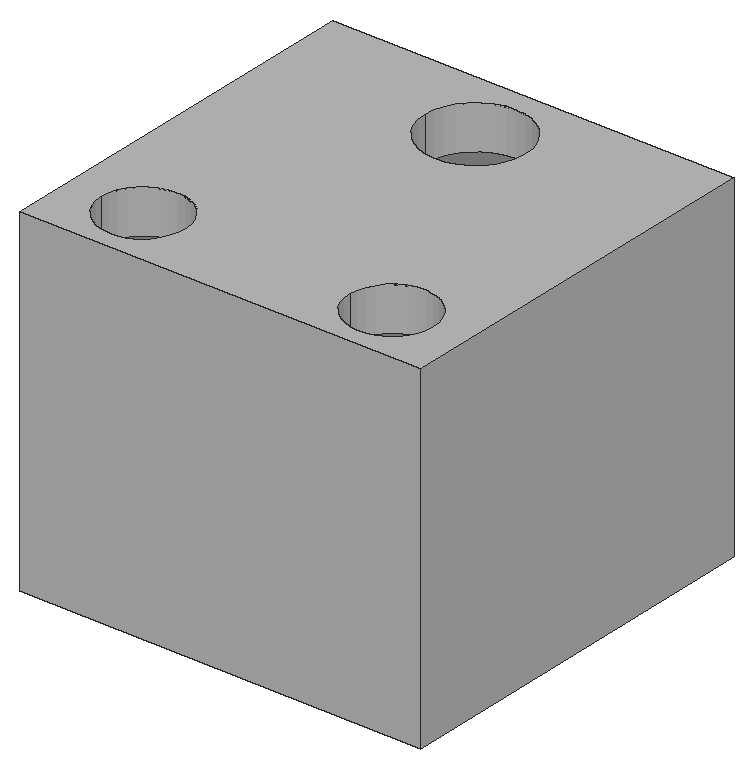
Revit family "Domotics-DomesticRanges-GEWISS-CHORUS_POWER-SOCKET-OUTLET_INDIA_SOUTHAFRICA", category Apparecchi elettrici, host Superficie, Revit 2016
Family settings
  Host = Superficie
  Mantenere orientamento annotazione = Sì
  Tipo di parte = Normale
  Quota connettore circolare = Usa diametro
  Taglio con vuoti quando caricato = Sì
  Condiviso = Sì
  Punto di calcolo locali = Sì
Parameters (values of type "GW14298 - Socket outlet 2P+E 16A d7mm 2M ind/s.afr.st. titanium")
  Wiring terminals = "With screw"
  Voltage: = "250 V ac"
  Voltage = "250 V ac"
  Volt = 230 V
  Vista in pianta [instance] = yes
  Version file RFA = "19.0"
  URL = "https://www.gewiss.com/ww/en"
  Tipo_ = CHORUS PRESE INDIA SUDAFRICA_GENERICO : TITANIO
  Thermo-pressure with ball = "125 °C"
  Terminal tightening capacity rigid cables (mm2) = "min. 0,5 - max. 2x2,5"
  Terminal tightening capacity flexible cables (mm2) = "min. 0,75 - max. 2x4"
  Terminal grip on cable traction = "> 50 N"
  Technical sheet = "https://www.gewiss.com/ww/en/search?q=GW14298"
  TXT ELETTRICO = "16"
  Standard; = "IEC 60884-1"
  Standard: = "Indian-South African"
  Standard = "India/South Africa"
  Simbolo [instance] = yes
  SEO = "Socket outlet"
  Resistance at test voltage = "2000 V at 50 Hz for 1 minute"
  Realized by GEWISS S.p.A. = ""
  Default Elevation = 1219.2 mm
  Prolonged operation (no.of position changes) = "10.000 at In 250 V ac cosØ=0,8"
  Produttore = "GEWISS S.p.A."
  Offset presa [instance] = 0 mm
  Offset bidimensionale [instance] = 41 mm
  No. Chorus modules: = "2"
  No. Chorus modules = "2"
  N. poli = 1
  Modello = "GW14298"
  Insulation resistance = "> 5 MOhm"
  Immagine tipo = GW14298.jpg
  IFC.TypeObject = ""
  IFC.ExportType = ""
  IFC.ExportAs = ""
  IDT = "1dbc6e32-bb70-4510-8419-166b85924e3f"
  IDF = "119cc1b2-d397-4b28-b8dc-00e194744bda"
  Glow Wire Test = "850°C"
  For plug pins = "Ø 7 mm"
  Electrocod = "0131"
  EAN code = "8011564421813"
  Distanza_x [instance] = 0 mm
  Distanza_effettiva_y [instance] = 100 mm
  Distanza_effettiva_x [instance] = 1000 mm - Distanza_x  # 1000 mm
  Distanza orizzontale del simbolo [instance] = 114.847 mm
  Distanza dal muro [instance] = 4.208 mm
  Descrizione = "2M+E 16A D7MM 2M IND/S.AFR.ST.SOCKET TI."
  Description: = "2P+E - 16A"
  Description. = "Socket-outlet"
  Colour = "Titanium"
  Characteristics = "With safety shields"
  Category = "Socket-outlet"
  Catalogue Range = "CHORUS - DOMESTIC RANGE"
  Catalogue = "DOMOTICS"
  Carico apparente = 0 VA
  COBie.Tagnumber = ""
  COBie.CreatedOn = ""
  COBie.CreatebBy = ""
  COBie.ComponentRegisterItemID = ""
  COBie.Component.TagNumber = ""
  COBie.Component.Space = ""
  COBie.Component.SerialNumber = ""
  COBie.Component.InstallationDate = ""
  COBie.Component.Description = ""
  COBie.Component.BarCode = ""
  Breaking capacity: = "1.25 In (100 position changes)"
Types (3, lengths in mm): name | Tipo_ | Technical sheet | Modello | Immagine tipo | IDT | EAN code | Descrizione | Colour
  GW10298 - Socket outlet 2M 2P+E 16A ind/s.afr white | CHORUS PRESE INDIA SUDAFRICA_GENERICO : BIANCO | "https://www.gewiss.com/ww/en/search?q=GW10298" | "GW10298" | GW10298.jpg | "4e5f8a65-8b03-4983-bcad-6a52282a48bd" | "8011564421806" | "S. OUTLET 2M 2P+E 16A IND/S.AFR WH." | "White"
  GW12298 - Socket outlet 2P+E 16A d7mm 2M ind/s.afr.st.Socket outlet black | CHORUS PRESE INDIA SUDAFRICA_GENERICO : NERO | "https://www.gewiss.com/ww/en/search?q=GW12298" | "GW12298" | GW12298.jpg | "0f2a28ac-dd37-4b83-a4b9-9b919db696d3" | "8011564421820" | "2M+E 16A D7MM 2M IND/S.AFR.ST.SOCKET BL." | "Black"
  GW14298 - Socket outlet 2P+E 16A d7mm 2M ind/s.afr.st. titanium | CHORUS PRESE INDIA SUDAFRICA_GENERICO : TITANIO | "https://www.gewiss.com/ww/en/search?q=GW14298" | "GW14298" | GW14298.jpg | "1dbc6e32-bb70-4510-8419-166b85924e3f" | "8011564421813" | "2M+E 16A D7MM 2M IND/S.AFR.ST.SOCKET TI." | "Titanium"
Reference planes
  plane 1 "Centro (Fronte/Retro)": y = 0
  plane 2: z = 0
  plane 3 "Centro (Sinistra/Destra)": x = 0
  plane 4: x = -1000
  plane 5: x = 0
  plane 6: y = 100
  plane 7: z = 0
  plane 8 "Piano bidimensionale": z = 41
  plane 9: z = 39
Lines and regions (mm)
  Masking region 1, visible <- "Vista in pianta"
    outline origin (0, 0, 0) x (1, 0, 0) y (0, 1, 0)
      loop
        line (-23, 22.5) -> (-23, -22.5) -> (23, -22.5) -> (23, 22.5) -> (-23, 22.5)
      loop
        circle (-14.273, -15.7) r 4.831
      loop
        circle (14.273, -15.7) r 4.831
      loop
        circle (0, 14.163) r 5.819
  Masking region 2, visible <- "Vista in pianta"
    outline origin (0, 0, 0) x (1, 0, 0) y (0, 0, 1)
      loop
        line (23, 0) -> (23, 20) -> (-23, 20) -> (-23, 0) -> (23, 0)
  Masking region 3, visible <- "Vista in pianta"
    outline origin (0, 0, 0) x (0, 1, 0) y (0, 0, 1)
      loop
        line (22.5, 0) -> (22.5, 39) -> (-22.5, 39) -> (-22.5, 0) -> (22.5, 0)
  model lines, style "0", detail levels coarse
    curve 1: line (23, -22.5, 41) -> (-23, -22.5, 41)
    curve 2: line (-23, -22.5, 41) -> (-23, 22.5, 41)
    curve 3: line (-23, 22.5, 41) -> (23, 22.5, 41)
    curve 4: line (23, 22.5, 41) -> (23, -22.5, 41)
    curve 5: circle (0, 14.163, 41) r 5.819 normal (0, 0, 1)
    curve 6: circle (-14.273, -15.7, 41) r 4.831 normal (0, 0, 1)
    curve 7: circle (14.273, -15.7, 41) r 4.831 normal (0, 0, 1)
  model lines, style "0", not visible, detail levels coarse
    curve 8: line (111.427, 15.779, 41) -> (65.427, 15.779, 41)
    curve 9: line (65.427, 15.779, 41) -> (65.427, 60.779, 41)
    curve 10: line (65.427, 60.779, 41) -> (111.427, 60.779, 41)
    curve 11: line (111.427, 60.779, 41) -> (111.427, 15.779, 41)
    curve 12: circle (88.427, 52.443, 41) r 5.819 normal (0, 0, 1)
    curve 13: circle (74.154, 22.579, 41) r 4.831 normal (0, 0, 1)
    curve 14: circle (102.7, 22.579, 41) r 4.831 normal (0, 0, 1)
Dimensions and locks
  plane 4 to plane 3 "Centro (Sinistra/Destra)" = 1000 mm
  "Distanza_effettiva_x": plane 4 to plane 5
  "Distanza_effettiva_y": plane 6 to plane 1 "Centro (Fronte/Retro)"
  "Offset presa": plane 7 to host face
  "Offset bidimensionale": plane 8 "Piano bidimensionale" to host face
  locked: plane 9 to plane 7 at 39
  aligned and locked: plane 2 to host face
  aligned and locked: level to host face
  aligned and locked: plane 5 to nested 1
  aligned and locked: nested 1 to plane 6
  aligned and locked: plane 3 "Centro (Sinistra/Destra)" to nested 2
  aligned and locked: plane 1 "Centro (Fronte/Retro)" to nested 2
  aligned and locked: Masking region 1 sketch curve to nested 2  (x4)
  aligned and locked: Masking region 2 sketch curve to nested 2  (x2)
  aligned and locked: nested 2 to plane 7
  aligned and locked: Masking region 2 to plane 7
  aligned and locked: nested 2 to plane 9  (x2)
  aligned and locked: plane 9 to nested 2
  aligned and locked: Masking region 3 sketch curve to nested 2  (x2)
  aligned and locked: Masking region 3 to plane 7
  aligned and locked: plane 7 to nested 2  (x2)
  aligned and locked: Masking region 3 to plane 9
Automatic sketch dimensions
  host sketch curve to host sketch curve = 2438.4 mm  (x2)
  Masking region 1 sketch curve to Masking region 1 sketch curve = 8.727 mm  (x2)
  Masking region 1 sketch curve to Masking region 1 sketch curve = 6.8 mm  (x2)
  Masking region 1 sketch curve to Masking region 1 sketch curve = 4.831 mm  (x2)
  Masking region 1 sketch curve to Masking region 1 sketch curve = 0 mm  (x2)
  Masking region 1 sketch curve to plane 3 "Centro (Sinistra/Destra)" = 0 mm
  Masking region 1 sketch curve to plane 1 "Centro (Fronte/Retro)" = 14.163 mm
  Masking region 1 sketch curve to Masking region 1 sketch curve = 5.819 mm
  level to Masking region 2 sketch curve = 0 mm
  Masking region 2 sketch curve to plane 8 "Piano bidimensionale" = 21 mm
  Masking region 3 sketch curve to plane 7 = 0 mm
  plane 9 to Masking region 3 sketch curve = 0 mm
Nested families
  nested 1: "SIMBOLO PRESE" at (0, 100, 0), TESTO ELETTRICO <- "TXT ELETTRICO", Distanza dal muro <- "Distanza dal muro", SIMBOLO <- "Simbolo", visible <- "Simbolo", type "PRESA"
    with TESTO ELETTRICO "16", SIMBOLO yes, Distanza dal muro 4.208 mm, BORDO ACCESO yes
  nested 2: "CHORUS PRESE INDIA SUDAFRICA_GENERICO" at (0, 0, 0), type <- "Tipo_", type "TITANIO", detail levels medium+fine
Connectors
  electrical at (0, 0, 0), driven by "N. poli", driven by "Volt", driven by "Carico apparente"
    settings: on nested 2, index 1, voltage 230 V, apparent load 0 VA, apparent load phase1 0 VA, apparent load phase2 0 VA, apparent load phase3 0 VA, power factor 1, load classification "Altro", number of poles 1, system type 31, power factor state 1, is connector primary yes, connector utility no, sub classification motor no, connector description ""
Definition of nested family "CHORUS PRESE INDIA SUDAFRICA_GENERICO"
  Parameters (values of type "BIANCO")
    Profondità presa = 39 mm
    Finitura Prese = none
    Altezza da Terra = 750 mm
  Types (3): name
    NERO
    BIANCO
    TITANIO
  Reference planes
    plane 1 "Centro (Fronte/Retro)": y = 0
    plane 2: z = 0
    plane 3 "Centro (Sinistra/Destra)": x = 0
    plane 4: x = -23
    plane 5: x = 23
    plane 6: z = 34
    plane 7: z = 36.5
    plane 8: z = 39
  Forms (mm)
    Extrusion 1, solid, material <- "Finitura Prese"
      sketch origin (0, 0, 0) x (1, 0, 0) y (0, 1, 0)
        loop
          line (-23, 22.5) -> (-23, -22.5) -> (23, -22.5) -> (23, 22.5) -> (-23, 22.5)
        loop
          circle (-14.273, -15.7) r 4.831
        loop
          circle (14.273, -15.7) r 4.831
        loop
          circle (0, 14.163) r 5.819
      from 0 to 39
    Extrusion 2, solid
      sketch origin (0, 0, 0) x (1, 0, 0) y (0, 1, 0)
        loop
          circle (0, 14.163) r 5.819
        loop
          circle (-14.273, -15.7) r 4.831
        loop
          circle (14.273, -15.7) r 4.831
      from 0 to 34
  Dimensions and locks
    locked: plane 4 to plane 5 at 46
    "Profondità presa": plane 8 to level
    aligned and locked: level to plane 2
  Automatic sketch dimensions
    Extrusion 1 sketch curve to plane 1 "Centro (Fronte/Retro)" = 22.5 mm
    plane 1 "Centro (Fronte/Retro)" to Extrusion 1 sketch curve = 22.5 mm
    Extrusion 1 sketch curve to plane 3 "Centro (Sinistra/Destra)" = 0 mm
    plane 4 to Extrusion 1 sketch curve = 8.727 mm
    Extrusion 1 sketch curve to plane 5 = 8.727 mm
    Extrusion 1 sketch curve to Extrusion 1 sketch curve = 6.8 mm  (x2)
    Extrusion 1 sketch curve to plane 1 "Centro (Fronte/Retro)" = 14.163 mm
    Extrusion 1 sketch curve to plane 5 = 0 mm
    Extrusion 1 sketch curve to plane 4 = 0 mm
    Extrusion 2 sketch curve to plane 3 "Centro (Sinistra/Destra)" = 0 mm
    Extrusion 2 sketch curve to plane 1 "Centro (Fronte/Retro)" = 14.163 mm
    Extrusion 2 sketch curve to plane 3 "Centro (Sinistra/Destra)" = 5.819 mm
    plane 4 to Extrusion 2 sketch curve = 8.727 mm
    plane 1 "Centro (Fronte/Retro)" to Extrusion 2 sketch curve = 15.7 mm  (x2)
    Extrusion 2 sketch curve to Extrusion 2 sketch curve = 4.831 mm  (x2)
    Extrusion 2 sketch curve to Extrusion 2 sketch curve = 0 mm  (x2)
    Extrusion 2 sketch curve to plane 5 = 8.727 mm
    radius of Extrusion 1 sketch curve = 4.831 mm  (x2)
    radius of Extrusion 1 sketch curve = 5.819 mm
Definition of nested family "SIMBOLO PRESE"
  Parameters (values of type "PRESA")
    TESTO ELETTRICO [instance] = "TXT"
    Simbolo = SIMBOLO PRESE_BASE : PRESA
    SIMBOLO [instance] = yes
    Distanza dal muro [instance] = 4.208 mm
    BORDO ACCESO [instance] = yes
  Reference planes
    plane 1: y = 0
    plane 2: x = 0
  Dimensions and locks
    aligned and locked: plane 2 to nested 1
  Nested families
    nested 1: "SIMBOLO PRESE_BASE" at (0, 0, 0), type <- "Simbolo", TESTO ELETTRICO <- "TESTO ELETTRICO", BORDO ACCESO <- "BORDO ACCESO", visible <- "SIMBOLO", type "PRESA"
      with TESTO ELETTRICO "TXT", BORDO ACCESO yes
  Definition of nested family "SIMBOLO PRESE_BASE"
    Parameters (values of type "PRESA")
      TESTO ELETTRICO [instance] = "TXT"
      Distanza dal muro = 4.208 mm
      BORDO ACCESO [instance] = yes
    Reference planes
      plane 1: y = 0
      plane 2: x = 0
    Lines and regions (mm)
      detail lines, visible <- "BORDO ACCESO", not visible
        curve 1: line (-1.743, 9.208, 0) -> (2.057, 9.208, 0)
        curve 2: line (2.057, 9.208, 0) -> (2.057, 4.208, 0)
        curve 3: line (2.057, 4.208, 0) -> (-1.743, 4.208, 0)
        curve 4: line (-1.743, 4.208, 0) -> (-1.743, 9.208, 0)
        curve 5: line (-1.543, 9.008, 0) -> (1.857, 9.008, 0)
        curve 6: line (1.857, 9.008, 0) -> (1.857, 4.408, 0)
        curve 7: line (1.857, 4.408, 0) -> (-1.543, 4.408, 0)
        curve 8: line (-1.543, 4.408, 0) -> (-1.543, 9.008, 0)
      detail lines
        curve 9: line (0.783, 1.133, 0) -> (-0.783, 1.133, 0)
        curve 10: line (0, 1.133, 0) -> (0, 0.349, 0)
        curve 11: arc (-0.783, 1.916, 0) -> (0, 1.133, 0) -> (0.783, 1.916, 0) r 0.783
    Text (mm)
      label "TXT" at (0.016, 1.578, 0), shows "TESTO ELETTRICO"
